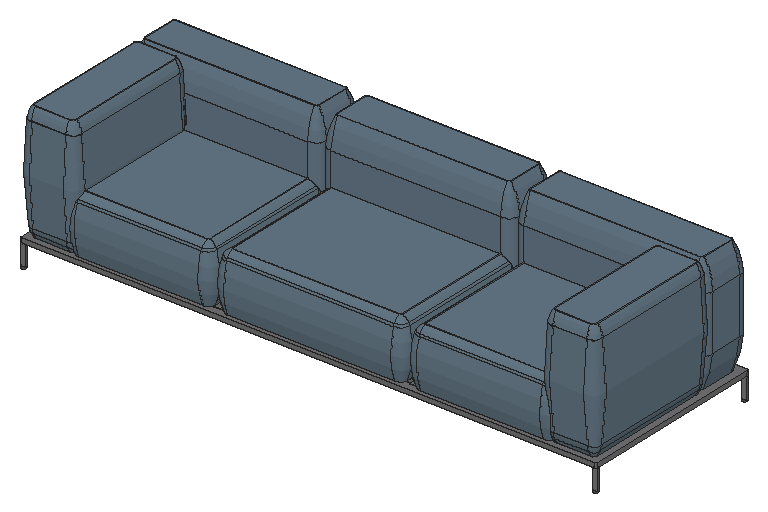
Revit family "Haworth_Mex-Hi_Sofa_Wide_TwoArms", category Furniture, Revit 2018 (continued)
Definition of nested family "Haworth_Mex-Hi_Sofa_Base-PART"
  Lines and regions (in)
    symbolic lines
      curve 41: line (-57.4682, 4.4803, 0) -> (-24.801, 4.4803, 0)
      curve 42: line (-57.4682, 3.20078, 0) -> (-57.4682, 4.4803, 0)
      curve 43: line (-24.801, 3.20078, 0) -> (-57.4682, 3.20078, 0)
      curve 44: line (-24.801, 4.4803, 0) -> (-24.801, 3.20078, 0)
      curve 45: line (11.38011, 3.20078, 0) -> (-23.61989, 3.20078, 0)
      curve 46: line (11.38011, 4.4803, 0) -> (11.38011, 3.20078, 0)
      curve 47: line (-23.61989, 4.4803, 0) -> (11.38011, 4.4803, 0)
      curve 49: line (45.28743, 3.20078, 0) -> (12.56121, 3.20078, 0)
      curve 50: line (45.28743, 4.4803, 0) -> (45.28743, 3.20078, 0)
      curve 51: line (12.56121, 4.4803, 0) -> (45.28743, 4.4803, 0)
      curve 52: line (12.56121, 3.20078, 0) -> (12.56121, 4.4803, 0)
    symbolic lines, visible <- "Three Seats"
      curve 24: line (12.56121, -27.40946, 0) -> (12.56121, 4.4803, 0)
      curve 26: line (11.38011, -27.40946, 0) -> (11.38011, 4.4803, 0)
      curve 34: line (-24.801, 4.4803, 0) -> (-24.801, -27.40946, 0)
      curve 48: line (-23.61989, -27.40946, 0) -> (-23.61989, 4.4803, 0)
    symbolic lines, visible <- "Two Seats"
      curve 53: line (-6.6827, 6.04866, 0) -> (-5.5016, 6.04866, 0)
      curve 54: line (-6.6827, -27.40946, 0) -> (-6.6827, 6.04866, 0)
      curve 55: line (-5.5016, -27.40946, 0) -> (-6.6827, -27.40946, 0)
      curve 56: line (-5.5016, 6.04866, 0) -> (-5.5016, -27.40946, 0)
  Dimensions and locks (in)
    equal spacing: plane 8 "Left", plane 2 "Center L/R", plane 7 "Right"
    "Actual Width": plane 8 "Left" to plane 7 "Right"
    equal spacing: plane 5 "Back", plane 3 "Center F/B", plane 6 "Front"
    "Actual Depth": plane 5 "Back" to plane 6 "Front"
    "Actual Height": plane 4 "Top" to plane 1
    plane 18 to plane 19 to plane 20 to plane 22 to plane 6 "Front" = 1.1811" locked, 1.27726" locked, 1.57434" locked, 0.2662" locked
    plane 5 "Back" to plane 21 to plane 13 to plane 14 to plane 15 to plane 16 to plane 17 = 0.20134" locked, 1.56835" locked, 1.27953" locked, 1.1811" locked, 6.69291" locked, 1.1811" locked
    plane 30 to plane 3 "Center F/B" to plane 29 = 6.23753" locked, 5.57481" locked
    plane 31 to plane 2 "Center L/R" to plane 32 = 0.56281" locked, 0.61829" locked
    plane 10 to plane 27 to plane 9 = 0.58679" locked, 0.59431" locked
    plane 12 to plane 28 to plane 11 = 0.59055" locked, 0.59055" locked
    plane 24 to plane 25 to plane 7 "Right" = 1.5708" locked, 0.17188" locked
    plane 8 "Left" to plane 26 to plane 23 = 0.22736" locked, 1.57433" locked
    plane 9 to plane 24 = 32.72622"
    plane 23 to plane 12 = 32.6672"
    aligned and locked: Extrusion 1 to plane 13
    aligned and locked: plane 14 to Extrusion 1
    aligned and locked: Extrusion 1 to plane 15
    aligned and locked: plane 16 to Extrusion 1
    aligned and locked: Extrusion 1 to plane 17
    aligned and locked: plane 18 to Extrusion 1
    aligned and locked: Extrusion 1 to plane 19
    aligned and locked: Extrusion 1 to plane 20
    aligned and locked: plane 26 to Extrusion 1  (x2)
    aligned and locked: Extrusion 1 to plane 23  (x4)
    aligned and locked: Extrusion 1 to plane 25  (x2)
    aligned and locked: plane 24 to Extrusion 1  (x4)
    aligned and locked: curve 2 to plane 26
    aligned and locked: plane 21 to Extrusion 1
    aligned and locked: plane 14 to curve 43
    aligned and locked: plane 15 to curve 39
    aligned and locked: curve 37 to plane 16
    aligned and locked: curve 35 to plane 17
    aligned and locked: plane 18 to curve 33
    aligned and locked: plane 19 to curve 7
    aligned and locked: plane 20 to curve 5
    aligned and locked: plane 23 to curve 6
    aligned and locked: curve 36 to plane 23
    aligned and locked: plane 23 to curve 38
    aligned and locked: curve 42 to plane 23
    aligned and locked: plane 12 to curve 44
    aligned and locked: curve 40 to plane 12
    aligned and locked: curve 8 to plane 12
    aligned and locked: curve 12 to plane 11
    aligned and locked: curve 30 to plane 11
    aligned and locked: plane 11 to curve 28
    aligned and locked: plane 10 to curve 46
    aligned and locked: curve 26 to plane 10
    aligned and locked: plane 10 to curve 32
    aligned and locked: plane 10 to curve 10
    aligned and locked: curve 14 to plane 9
    aligned and locked: curve 20 to plane 9
    aligned and locked: curve 52 to plane 9
    aligned and locked: plane 24 to curve 50
    aligned and locked: plane 24 to curve 22
    aligned and locked: plane 24 to curve 18
    aligned and locked: plane 24 to curve 16
    aligned and locked: plane 25 to curve 4
    aligned and locked: Extrusion 1 to plane 22
    aligned and locked: curve 15 to plane 20
    aligned and locked: curve 13 to plane 19
    aligned and locked: plane 18 to curve 17
    aligned and locked: curve 19 to plane 17
    aligned and locked: plane 16 to curve 21
    aligned and locked: curve 23 to plane 15
    aligned and locked: plane 14 to curve 49
    aligned and locked: curve 51 to plane 13
    aligned and locked: curve 1 to plane 21
    aligned and locked: curve 47 to plane 13
    aligned and locked: plane 14 to curve 45
    aligned and locked: plane 15 to curve 25
    aligned and locked: curve 27 to plane 16
    aligned and locked: curve 29 to plane 17
    aligned and locked: plane 18 to curve 31
    aligned and locked: curve 11 to plane 19
    aligned and locked: curve 9 to plane 20
    aligned and locked: plane 22 to curve 3
    aligned and locked: plane 15 to nested 1
    aligned and locked: plane 15 to nested 5
    aligned and locked: plane 15 to nested 6
    aligned and locked: plane 15 to nested 11
    aligned and locked: plane 15 to nested 17
    aligned and locked: plane 15 to nested 12
    aligned and locked: plane 17 to nested 18
    aligned and locked: plane 17 to nested 16
    aligned and locked: plane 17 to nested 13
    aligned and locked: plane 17 to nested 10
    aligned and locked: plane 17 to nested 7
    aligned and locked: plane 17 to nested 2
    aligned and locked: plane 17 to nested 19
    aligned and locked: nested 3 to plane 18
    aligned and locked: nested 4 to plane 18
    aligned and locked: nested 8 to plane 18
    aligned and locked: nested 9 to plane 18
    aligned and locked: nested 15 to plane 18
    aligned and locked: nested 14 to plane 18
    aligned and locked: nested 4 to Extrusion 1
    aligned and locked: Extrusion 1 to Extrusion 4  (x2)
    aligned and locked: Extrusion 4 to plane 32
    aligned and locked: plane 31 to Extrusion 4
    aligned and locked: plane 32 to Extrusion 4 sketch curve
    aligned and locked: Extrusion 4 sketch curve to plane 31
    aligned and locked: Extrusion 4 sketch curve to plane 21
    aligned and locked: Extrusion 4 sketch curve to plane 20
    aligned and locked: plane 9 to Extrusion 6 sketch curve
    aligned and locked: Extrusion 6 sketch curve to plane 10
    aligned and locked: Extrusion 6 sketch curve to plane 21
    aligned and locked: Extrusion 6 sketch curve to plane 20
    aligned and locked: plane 11 to Extrusion 5 sketch curve
    aligned and locked: Extrusion 5 sketch curve to plane 12
    aligned and locked: Extrusion 5 sketch curve to plane 21
    aligned and locked: Extrusion 5 sketch curve to plane 20
    aligned and locked: plane 29 to Extrusion 7 sketch curve
    aligned and locked: plane 2 "Center L/R" to Extrusion 7 sketch curve  (x2)
    aligned and locked: plane 30 to Extrusion 7 sketch curve
    aligned and locked: Extrusion 3 to Extrusion 7
    aligned and locked: plane 29 to Extrusion 8 sketch curve
    aligned and locked: plane 2 "Center L/R" to Extrusion 8 sketch curve  (x2)
    aligned and locked: plane 30 to Extrusion 8 sketch curve
    aligned and locked: Extrusion 8 to Extrusion 1
    aligned and locked: plane 29 to Extrusion 9 sketch curve  (x2)
    aligned and locked: plane 30 to Extrusion 9 sketch curve  (x2)
    aligned and locked: plane 28 to Extrusion 9 sketch curve  (x2)
    aligned and locked: plane 27 to Extrusion 9 sketch curve  (x2)
    aligned and locked: Extrusion 9 to Extrusion 1
    aligned and locked: plane 28 to Extrusion 10 sketch curve  (x2)
    aligned and locked: plane 27 to Extrusion 10 sketch curve  (x2)
    aligned and locked: plane 30 to Extrusion 10 sketch curve  (x2)
    aligned and locked: plane 29 to Extrusion 10 sketch curve  (x2)
    aligned and locked: Extrusion 10 to Extrusion 7
  Automatic sketch dimensions
    Extrusion 1 sketch curve to plane 26 = 0.00"
    Extrusion 1 sketch curve to plane 21 = 0.00"
    Extrusion 1 sketch curve to plane 22 = 0.00"
    plane 20 to Extrusion 1 sketch curve = 0.00"
    Extrusion 1 sketch curve to plane 23 = 0.00"  (x4)
    Extrusion 1 sketch curve to plane 18 = 0.00"
    Extrusion 1 sketch curve to plane 13 = 0.00"
    Extrusion 1 sketch curve to plane 16 = 0.00"
    Extrusion 1 sketch curve to plane 24 = 0.00"  (x4)
    Extrusion 1 sketch curve to plane 14 = 0.00"
    Extrusion 1 sketch curve to plane 15 = 0.00"
    Extrusion 1 sketch curve to plane 25 = 0.00"
    Extrusion 1 sketch curve to plane 19 = 0.00"
    Extrusion 1 sketch curve to plane 17 = 0.00"
    Extrusion 1 sketch curve to Extrusion 1 sketch curve = 0.37614"
    plane 22 to Extrusion 1 sketch curve = 0.38594"
    plane 25 to Extrusion 1 sketch curve = 0.37614"
    Extrusion 1 sketch curve to Extrusion 1 sketch curve = 0.28319"
    Extrusion 2 sketch curve to plane 26 = 0.39651"
    Extrusion 2 sketch curve to plane 26 = 0.3937"
    plane 25 to Extrusion 2 sketch curve = 0.38769"
    plane 25 to Extrusion 2 sketch curve = 0.3846"
    plane 22 to Extrusion 2 sketch curve = 0.39739"
    plane 22 to Extrusion 2 sketch curve = 0.39471"
    Extrusion 2 sketch curve to plane 21 = 0.38803"
    Extrusion 2 sketch curve to plane 21 = 0.38772"
    Extrusion 3 sketch curve to plane 26 = 0.3937"  (x2)
    plane 25 to Extrusion 3 sketch curve = 0.39041"
    plane 25 to Extrusion 3 sketch curve = 0.38669"
    plane 22 to Extrusion 3 sketch curve = 0.39311"
    plane 22 to Extrusion 3 sketch curve = 0.39131"
    Extrusion 3 sketch curve to plane 21 = 0.38772"  (x2)
    plane 20 to curve 55 = 0.00"
    curve 55 to plane 31 = 0.00"
    curve 55 to plane 32 = 0.00"
    curve 44 to plane 13 = 0.00"
    curve 53 to plane 21 = 0.00"
    radius of Extrusion 2 sketch curve = 0.41206"  (x4)
    radius of Extrusion 3 sketch curve = 0.49213"  (x4)
    radius of Extrusion 7 sketch curve = 0.49213"  (x2)
    radius of Extrusion 8 sketch curve = 0.41206"  (x2)
    radius of Extrusion 9 sketch curve = 0.41206"  (x4)
    radius of Extrusion 10 sketch curve = 0.49213"  (x4)
  Nested families (in)
    nested 1: "Haworth_Mex-Hi_Sofa_Knob-PART" at (-49.35041, 13.65777, 0), visible <- "Three Seats", type "Knob - PART"
    nested 2: "Haworth_Mex-Hi_Sofa_Knob-PART" at (-49.35041, 5.78375, 0), visible <- "Three Seats", type "Knob - PART"
    nested 3: "Haworth_Mex-Hi_Sofa_Knob-PART" at (-49.35041, -14.04791, 0), visible <- "Three Seats", type "Knob - PART"
    nested 4: "Haworth_Mex-Hi_Sofa_Knob-PART" at (-41.10041, -14.04791, 0.00098), type "Knob - PART"
    nested 5: "Haworth_Mex-Hi_Sofa_Knob-PART" at (-21.10041, 13.65777, 0), type "Knob - PART"
    nested 6: "Haworth_Mex-Hi_Sofa_Knob-PART" at (-13.66357, 13.65777, 0), type "Knob - PART"
    nested 7: "Haworth_Mex-Hi_Sofa_Knob-PART" at (-13.66357, 5.78375, 0), type "Knob - PART"
    nested 8: "Haworth_Mex-Hi_Sofa_Knob-PART" at (-13.66357, -14.04791, 0), type "Knob - PART"
    nested 9: "Haworth_Mex-Hi_Sofa_Knob-PART" at (14.33643, -14.04791, 0), type "Knob - PART"
    nested 10: "Haworth_Mex-Hi_Sofa_Knob-PART" at (14.33643, 5.78375, 0), type "Knob - PART"
    nested 11: "Haworth_Mex-Hi_Sofa_Knob-PART" at (14.33643, 13.65777, 0), type "Knob - PART"
    nested 12: "Haworth_Mex-Hi_Sofa_Knob-PART" at (21.51753, 13.65777, 0), type "Knob - PART"
    nested 13: "Haworth_Mex-Hi_Sofa_Knob-PART" at (21.51753, 5.78375, 0), type "Knob - PART"
    nested 14: "Haworth_Mex-Hi_Sofa_Knob-PART" at (21.51753, -14.04791, 0), type "Knob - PART"
    nested 15: "Haworth_Mex-Hi_Sofa_Knob-PART" at (41.58464, -14.04791, 0), type "Knob - PART"
    nested 16: "Haworth_Mex-Hi_Sofa_Knob-PART" at (41.58464, 5.78375, 0), type "Knob - PART"
    nested 17: "Haworth_Mex-Hi_Sofa_Knob-PART" at (49.58464, 13.65777, 0), visible <- "Three Seats", type "Knob - PART"
    nested 18: "Haworth_Mex-Hi_Sofa_Knob-PART" at (49.58464, 5.78375, 0), visible <- "Three Seats", type "Knob - PART"
    nested 19: "Haworth_Mex-Hi_Sofa_Knob-PART" at (-41.10041, 5.78375, 0), type "Knob - PART"
  Definition of nested family "Haworth_Mex-Hi_Sofa_Knob-PART"
    Parameters (values of type "Knob - PART")
      Warranty = "http://www.haworth.com/resources/product-info/warranties"
      URL - Product = "https://www.haworth.com/na/en/products/lounge-sofas/ottomans/mex-hi-seating.html"
      URL = "https://www.haworth.com/na/en/about/brands/haworth-collection.html"
      Trim Finish = none
      Sustainability Info = "https://www.haworth.com/na/en/expertise/sustainability.html"
      Size = "Verify Final Dim. w/ Haworth"  # constant formula
      Revision Number = "1"  # constant formula
      Model = "Haworth - Cassina - Mex-Hi"  # constant formula
      Manufacturer = "Haworth"  # constant formula
      Description = "Haworth - Cassina - Mex-Hi - Sofa - Knob - PART"  # constant formula
      Author = "Haworth (Abd Rahman)"  # constant formula
      Assembly Code = "E2020200"
      Actual Width = 1.67"  # constant formula
      Actual Height = 4.08"  # constant formula
      Actual Depth = 1.47"  # constant formula
    Reference planes (in)
      plane 1: z = 0
      plane 2 "Center L/R": x = -6.1322
      plane 3 "Top": z = 4.08
      plane 4: x = -5.2972
      plane 5: x = -6.9672
      plane 6: y = -10.90319
      plane 7: y = -12.373
      plane 8: y = -11.6381
    Forms (in)
      Extrusion 1, solid, material <- "Trim Finish"
        sketch origin (0, 0, 0) x (1, 0, 0) y (0, 1, 0)
          loop
            arc (-6.96571, -11.20052) -> (-6.96593, -11.22622) -> (-6.95004, -11.24643) r 0.03882
            arc (-6.95004, -11.24643) -> (-6.5066, -11.70956) -> (-6.32724, -12.32516) r 1.34831
            arc (-6.32724, -12.32516) -> (-6.31768, -12.34902) -> (-6.29531, -12.36168) r 0.03882
            arc (-6.29531, -12.36168) -> (-6.12907, -12.37648) -> (-5.96283, -12.36168) r 0.94089
            arc (-5.96283, -12.36168) -> (-5.93846, -12.34653) -> (-5.93115, -12.31878) r 0.03882
            arc (-5.93115, -12.31878) -> (-5.74775, -11.6992) -> (-5.2972, -11.23603) r 1.34873
            arc (-5.2972, -11.23603) -> (-5.29048, -11.21886) -> (-5.29243, -11.20052) r 0.03882
            arc (-5.29243, -11.20052) -> (-5.36273, -11.04915) -> (-5.45867, -10.91258) r 0.94086
            arc (-5.45867, -10.91258) -> (-5.48082, -10.89954) -> (-5.50626, -10.90319) r 0.03882
            arc (-5.50626, -10.90319) -> (-6.12907, -11.05565) -> (-6.75188, -10.90319) r 1.34833
            arc (-6.75188, -10.90319) -> (-6.77732, -10.89954) -> (-6.79947, -10.91258) r 0.03882
            arc (-6.79947, -10.91258) -> (-6.89541, -11.04915) -> (-6.96571, -11.20052) r 0.94087
        from 3.49028 to 3.88235
      Extrusion 2, solid, material <- "Trim Finish"
        sketch origin (0, 0, 0) x (1, 0, 0) y (0, 1, 0)
          loop
            circle (-6.1322, -11.5) r 0.37215
        from 3.88235 to 4.08098
    Cuts and joins
      joined: Extrusion 1, Extrusion 2
    Lines and regions (in)
      symbolic lines
        curve 1: arc (-5.50626, -10.90319, 0) -> (-6.12907, -11.05565, 0) -> (-6.75188, -10.90319, 0) r 1.34833
        curve 2: arc (-5.45867, -10.91258, 0) -> (-5.48082, -10.89954, 0) -> (-5.50626, -10.90319, 0) r 0.03882
        curve 3: arc (-5.29243, -11.20052, 0) -> (-5.36273, -11.04915, 0) -> (-5.45867, -10.91258, 0) r 0.94086
        curve 4: arc (-5.2972, -11.23603, 0) -> (-5.29048, -11.21886, 0) -> (-5.29243, -11.20052, 0) r 0.03882
        curve 5: arc (-5.93115, -12.31878, 0) -> (-5.74775, -11.6992, 0) -> (-5.2972, -11.23603, 0) r 1.34873
        curve 6: arc (-5.96283, -12.36168, 0) -> (-5.93846, -12.34653, 0) -> (-5.93115, -12.31878, 0) r 0.03882
        curve 7: arc (-6.29531, -12.36168, 0) -> (-6.12907, -12.37648, 0) -> (-5.96283, -12.36168, 0) r 0.94089
        curve 8: arc (-6.32724, -12.32516, 0) -> (-6.31768, -12.34902, 0) -> (-6.29531, -12.36168, 0) r 0.03882
        curve 9: arc (-6.95004, -11.24643, 0) -> (-6.5066, -11.70956, 0) -> (-6.32724, -12.32516, 0) r 1.34831
        curve 10: arc (-6.96571, -11.20052, 0) -> (-6.96593, -11.22622, 0) -> (-6.95004, -11.24643, 0) r 0.03882
        curve 11: arc (-6.79947, -10.91258, 0) -> (-6.89541, -11.04915, 0) -> (-6.96571, -11.20052, 0) r 0.94087
        curve 12: arc (-6.75188, -10.90319, 0) -> (-6.77732, -10.89954, 0) -> (-6.79947, -10.91258, 0) r 0.03882
    Dimensions and locks (in)
      equal spacing: plane 7, plane 8, plane 6
      plane 6 to plane 7 = 1.46981"
      equal spacing: plane 5, plane 2 "Center L/R", plane 4
      "Actual Width": plane 5 to plane 4
      "Actual Height": plane 3 "Top" to level
    Automatic sketch dimensions
      Extrusion 1 sketch curve to plane 2 "Center L/R" = 0.15625"
      Extrusion 1 sketch curve to plane 2 "Center L/R" = 0.6376"
      Extrusion 1 sketch curve to Extrusion 1 sketch curve = 0.15938"  (x2)
      Extrusion 1 sketch curve to plane 2 "Center L/R" = 1.54206"
      Extrusion 1 sketch curve to plane 2 "Center L/R" = 0.04533"
      Extrusion 1 sketch curve to Extrusion 1 sketch curve = 0.04847"
      plane 2 "Center L/R" to Extrusion 1 sketch curve = 0.00314"
      Extrusion 1 sketch curve to Extrusion 1 sketch curve = 0.09695"
      Extrusion 1 sketch curve to Extrusion 1 sketch curve = 0.31877"
      plane 2 "Center L/R" to Extrusion 1 sketch curve = 0.64387"
      Extrusion 1 sketch curve to Extrusion 1 sketch curve = 0.74511"
      Extrusion 1 sketch curve to Extrusion 1 sketch curve = 0.00"  (x11)
      Extrusion 1 sketch curve to Extrusion 1 sketch curve = 0.00001"
      Extrusion 1 sketch curve to Extrusion 1 sketch curve = 0.08398"
      Extrusion 1 sketch curve to Extrusion 1 sketch curve = 0.27606"  (x2)
      Extrusion 1 sketch curve to Extrusion 1 sketch curve = 1.2303"
      Extrusion 1 sketch curve to plane 2 "Center L/R" = 0.16311"
      Extrusion 1 sketch curve to Extrusion 1 sketch curve = 0.01793"
      Extrusion 2 sketch curve to plane 2 "Center L/R" = 0.00"
      plane 6 to Extrusion 1 sketch curve = 0.00"  (x2)
      Extrusion 1 sketch curve to plane 4 = 0.00"
      plane 6 to Extrusion 1 sketch curve = 0.5324"
      plane 7 to Extrusion 1 sketch curve = 0.04953"
      Extrusion 1 sketch curve to plane 7 = 0.01071"
      plane 6 to Extrusion 2 sketch curve = 0.59681"
      plane 6 to curve 1 = 0.00"  (x2)
      plane 6 to curve 2 = 0.00"
      plane 2 "Center L/R" to curve 1 = 0.00314"
      plane 6 to curve 2 = 0.03443"
      plane 4 to curve 2 = 0.19113"
      curve 1 to plane 6 = 1.19587"
      plane 6 to curve 2 = 0.00939"
      curve 3 to plane 2 "Center L/R" = 0.04533"
      curve 3 to curve 2 = 0.00"
      curve 3 to plane 4 = 0.00477"
      curve 4 to plane 4 = 0.00"
      plane 4 to curve 4 = 0.03174"
      curve 4 to curve 3 = 0.00"
      curve 5 to plane 7 = 0.00766"
      curve 5 to plane 4 = 0.71336"
      plane 7 to curve 5 = 0.05423"
      curve 6 to curve 5 = 0.03853"
      curve 6 to curve 5 = 0.0047"
      plane 7 to curve 6 = 0.01132"
      plane 2 "Center L/R" to curve 7 = 0.00314"
      plane 7 to curve 7 = 0.01132"
      curve 7 to plane 2 "Center L/R" = 0.16311"
      curve 7 to curve 8 = 0.00686"
      curve 8 to curve 8 = 0.03878"
      curve 8 to curve 7 = 0.00"
      curve 9 to plane 7 = 0.01071"
      curve 9 to plane 5 = 0.01716"
      curve 9 to curve 8 = 0.00"
      curve 10 to plane 5 = 0.03801"
      curve 10 to plane 5 = 0.0015"
      curve 10 to curve 9 = 0.00"
      plane 2 "Center L/R" to curve 11 = 0.05162"
      curve 11 to curve 10 = 0.00"
      plane 6 to curve 11 = 0.00939"
      plane 6 to curve 12 = 0.00"
      radius of Extrusion 2 sketch curve = 0.37215"
Types (2): name | Two Seats Wide | Three Seats Wide | Description | Actual Width
  Three Seat Sofa | no | yes | "Haworth - Cassina - Mex-Hi - Sofa - With Two Arms - Wide Three Seat" | 106.30"
  Two Seat Sofa | yes | no | "Haworth - Cassina - Mex-Hi - Sofa - With Two Arms - Wide Two Seat" | 86.60"
